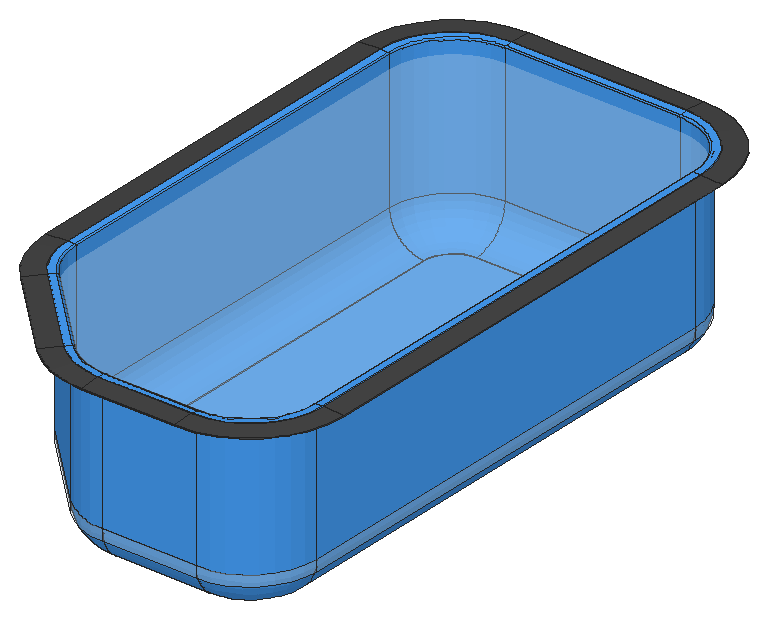
Revit family
Reference planes (in)
  plane 1 "Center (Front/Back)": y = 1.07991
  plane 2: z = 0
  plane 3 "Center (Left/Right)": x = -0.53995
  plane 4: y = 106.07991
  plane 5: y = -103.92009
  plane 6: y = 82.07991
  plane 7: y = -79.92009
  plane 8: x = -54.53995
  plane 9: x = 53.46005
  plane 10: through (-12.53995, -103.92009, 48) normal (-0.7071, -0.7071, 0)
  plane 11: z = 0
  plane 12 "Shallow": z = -48
  plane 13 "Deep": z = -60
  plane 14 "Water": z = -3
Forms (in)
  Sweep 1, solid, material "Pool Tiles"
    path origin (0, 0, 0) x (1, 0, 0) y (0, 1, 0)
      loop
        line (-54.53995, 82.07991) -> (-54.53995, -51.97897)
        arc (-54.53995, -51.97897) -> (-52.71306, -61.16337) -> (-47.51052, -68.94953) r 24
        line (-47.51052, -68.94953) -> (-19.56939, -96.89066)
        arc (-19.56939, -96.89066) -> (-11.78323, -102.0932) -> (-2.59883, -103.92009) r 24
        line (-2.59883, -103.92009) -> (29.46005, -103.92009)
        arc (29.46005, -103.92009) -> (46.43061, -96.89066) -> (53.46005, -79.92009) r 24
        line (53.46005, -79.92009) -> (53.46005, 82.07991)
        arc (53.46005, 82.07991) -> (46.43061, 99.05047) -> (29.46005, 106.07991) r 24
        line (29.46005, 106.07991) -> (-30.53995, 106.07991)
        arc (-30.53995, 106.07991) -> (-47.51052, 99.05047) -> (-54.53995, 82.07991) r 24
    profile origin (-54.53995, 15.05047, 0) x (1, 0, 0) y (0, 0, 1)
      loop
        line (1.02565, 0) -> (1.02565, -47)
        arc (1.02565, -47) -> (4.83326, -56.19239) -> (14.02565, -60) r 13
        line (14.02565, -60) -> (14.02565, -59)
        arc (14.02565, -59) -> (5.54037, -55.48528) -> (2.02565, -47) r 12
        line (2.02565, -47) -> (2.02565, -0.00249)
        arc (2.02565, -0.00249) -> (1.89638, 0.33301) -> (1.5754, 0.49502) r 0.5
        line (1.5754, 0.49502) -> (-0.97435, 0.75) -> (-0.97435, 0) -> (1.02565, 0)
  Sweep 2, solid, material "Pool Rim"
    path origin (0, 0, 0) x (1, 0, 0) y (0, 1, 0)
      loop
        arc (-30.53995, 106.07991) -> (-47.51052, 99.05047) -> (-54.53995, 82.07991) r 24
        line (-54.53995, 82.07991) -> (-54.53995, -51.97897)
        arc (-54.53995, -51.97897) -> (-52.71306, -61.16337) -> (-47.51052, -68.94953) r 24
        line (-47.51052, -68.94953) -> (-19.56939, -96.89066)
        arc (-19.56939, -96.89066) -> (-11.78323, -102.0932) -> (-2.59883, -103.92009) r 24
        line (-2.59883, -103.92009) -> (29.46005, -103.92009)
        arc (29.46005, -103.92009) -> (46.43061, -96.89066) -> (53.46005, -79.92009) r 24
        line (53.46005, -79.92009) -> (53.46005, 82.07991)
        arc (53.46005, 82.07991) -> (46.43061, 99.05047) -> (29.46005, 106.07991) r 24
        line (29.46005, 106.07991) -> (-30.53995, 106.07991)
    profile origin (-0.53995, 106.07991, 0) x (0, 1, 0) y (0, 0, 1)
      loop
        line (0.97435, 0) -> (8.22435, 0) -> (8.22435, 0.25) -> (0.97435, 0.75) -> (0.97435, 0)
  Extrusion 3, solid, material "Pool Tiles"
    sketch origin (0, 0, -60) x (1, 0, 0) y (0, 1, 0)
      loop
        arc (-30.53995, 92.05426) -> (-37.59288, 89.13284) -> (-40.5143, 82.07991) r 9.97435
        line (-40.5143, 82.07991) -> (-40.5143, -51.97897)
        arc (-40.5143, -51.97897) -> (-39.75505, -55.79599) -> (-37.59288, -59.0319) r 9.97435
        line (-37.59288, -59.0319) -> (-9.65176, -86.97302)
        arc (-9.65176, -86.97302) -> (-6.41585, -89.13519) -> (-2.59883, -89.89444) r 9.97435
        line (-2.59883, -89.89444) -> (29.46005, -89.89444)
        arc (29.46005, -89.89444) -> (36.51298, -86.97302) -> (39.4344, -79.92009) r 9.97435
        line (39.4344, -79.92009) -> (39.4344, 82.07991)
        arc (39.4344, 82.07991) -> (36.51298, 89.13284) -> (29.46005, 92.05426) r 9.97435
        line (29.46005, 92.05426) -> (-30.53995, 92.05426)
    from 0 to 1
  Extrusion 4, solid, material "Water"
    sketch origin (0, 0, -3) x (0, 1, 0) y (-1, 0, 0)
      loop
        arc (105.05426, 30.53995) -> (98.32523, 46.78527) -> (82.07991, 53.5143) r 22.97435
        line (82.07991, 53.5143) -> (-51.97897, 53.5143)
        arc (-51.97897, 53.5143) -> (-60.77087, 51.76549) -> (-68.22429, 46.78527) r 22.97435
        line (-68.22429, 46.78527) -> (-96.16541, 18.84415)
        arc (-96.16541, 18.84415) -> (-101.14563, 11.39073) -> (-102.89444, 2.59883) r 22.97435
        line (-102.89444, 2.59883) -> (-102.89444, -29.46005)
        arc (-102.89444, -29.46005) -> (-96.16541, -45.70537) -> (-79.92009, -52.4344) r 22.97435
        line (-79.92009, -52.4344) -> (82.07991, -52.4344)
        arc (82.07991, -52.4344) -> (98.32523, -45.70537) -> (105.05426, -29.46005) r 22.97435
        line (105.05426, -29.46005) -> (105.05426, 30.53995)
    from -48 to -1.5
Lines and regions (in)
  Opening 1
    outline origin (59.46005, 61.07991, 0) x (0, 1, 0) y (-1, 0, 0)
      loop
        arc (45, 90) -> (37.97056, 106.97056) -> (21, 114) r 24
        line (21, 114) -> (-113.05887, 114)
        arc (-113.05887, 114) -> (-122.24328, 112.17311) -> (-130.02944, 106.97056) r 24
        line (-130.02944, 106.97056) -> (-157.97056, 79.02944)
        arc (-157.97056, 79.02944) -> (-163.17311, 71.24328) -> (-165, 62.05887) r 24
        line (-165, 62.05887) -> (-165, 30)
        arc (-165, 30) -> (-157.97056, 13.02944) -> (-141, 6) r 24
        line (-141, 6) -> (21, 6)
        arc (21, 6) -> (37.97056, 13.02944) -> (45, 30) r 24
        line (45, 30) -> (45, 90)
  sketch lines
    curve 1: line (-60.53995, 61.07991, 0) -> (59.46005, 61.07991, 0)
    curve 2: line (-60.53995, 61.07991, 0) -> (-60.53995, -58.92009, 0)
    curve 3: line (-60.53995, -58.92009, 0) -> (59.46005, -58.92009, 0)
    curve 4: line (59.46005, 61.07991, 0) -> (59.46005, -58.92009, 0)
Dimensions and locks (in)
  equal spacing: curve 3, plane 1 "Center (Front/Back)", curve 1
  equal spacing: curve 4, plane 3 "Center (Left/Right)", curve 2
  curve 3 to curve 1 = 10' - 0"
  curve 2 to curve 4 = 10' - 0"
